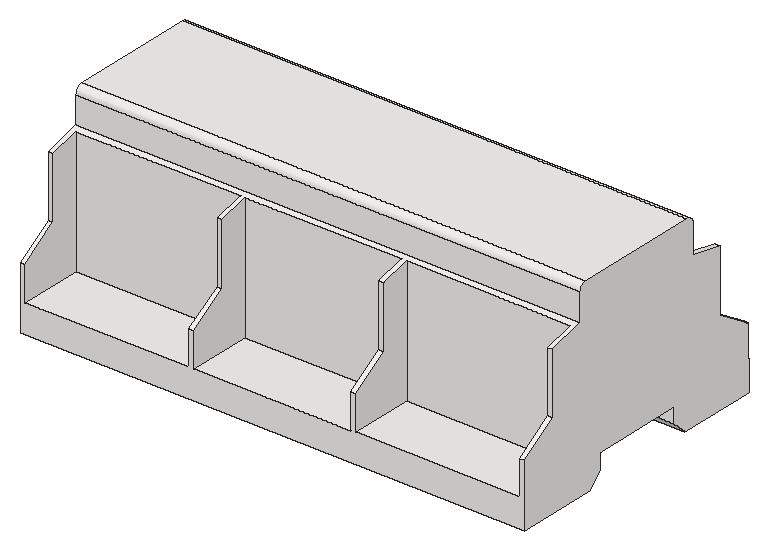
Revit family "Control_Unit-Lutron-MQSE-2A1(3A1)(4A1)-D", category Lighting Devices, host Face, Revit 2017
Family settings
  Host = Face
  Maintain Annotation Orientation = Yes
  Round Connector Dimension = Use Radius
  Part Type = Normal
  OmniClass Number = 23.85.80.11
  OmniClass Title = Building Controls
  Cut with Voids When Loaded = No
  Shared = No
  Room Calculation Point = No
Parameters (values of type "MQSE-4A1-D")
  Warranty URL = "http://www.lutron.com/en-US/Service-Support/Pages/Service/Warranty/Warranty.aspx"
  Voltage = 120 V
  Video Link = "https://www.youtube.com/user/LutronElectronicsInc"
  Version = "2017 - v1.0a"  # constant formula
  Type Comments = ""
  Support Phone = "(224) 699-9545"  # constant formula
  Support Email = "mailto: support@anguleris.com"
  Product Page URL = "http://www.lutron.com/en-US/Products/Pages/SingleRoomControls/myRoom/Overview.aspx"
  Product Name = "DIN Power Module - Phase Adaptive"
  Product Documentation Link = "http://www.lutron.com/TechnicalDocumentLibrary/369849.pdf"
  Performance URL = "http://www.lutron.com/en-US/Service-Support/Pages/Technical/PerfomanceSpecs.aspx"
  Overall Width = 6.37109"  # constant formula
  Overall Height = 2.37891"  # constant formula
  Operating Voltage = "100–120 V~, 220–240 V~ 50/60 Hz"
  URL = "http://www.lutron.com"
  Series = "myRoom"
  Overall Depth = 3.53125"  # constant formula
  Number of Poles = 1
  Model = "MQSE-4A1-D"
  Minimum Operating Temperature = 32 °F
  Maximum Operating Temperature = 104 °F
  Material = ""
  Manufacturer Phone Number = "610-282-3800"  # constant formula
  Manufacturer Fax Number = "610-282-1243"  # constant formula
  Manufacturer Email = "mailto:support@lutron.com"
  Manufacturer Address = "7200 Suter Rd, Coopersburg, PA 18036"  # constant formula
  Manufacturer = "Lutron Electronics Co., Inc"  # constant formula
  Load Classification = Other
  Keynote = ""
  Instruction Sheet Link = "http://www.lutron.com/TechnicalDocumentLibrary/032523.pdf"
  Finish = Plastic - Lutron - White - Matte
  Description = "The Phase Adaptive Power Module family is a group of modular products for the control of lighting loads. This product is compatible with Lutron myRoom guestroom systems only."
  Default Elevation = 48.00"
  Current = 4 A
  Cost Info = "mailto:sales@lutron.com"
  Cost = 0
  Copyright = "© 2020 Lutron Electronics Co., Inc."  # constant formula
  Assembly Code = "D5020200"
  Apparent Power = Voltage * Current  # 480 VA
Types (3): name | Operating Voltage | Model | Current | Apparent Power
  MQSE-4A1-D | "100–120 V~, 220–240 V~ 50/60 Hz" | "MQSE-4A1-D" | 4 A | 480 VA
  MQSE-3A1-D | "120–240 V~ 50/60 Hz" | "MQSE-3A1-D" | 3 A | 360 VA
  MQSE-2A1-D | "120–240 V~ 50/60 Hz" | "MQSE-2A1-D" | 2 A | 240 VA
Reference planes (in)
  plane 1 "Center (Front/Back)": y = 0
  plane 2: z = 0
  plane 3 "Center (Left/Right)": x = 0
  plane 4: z = 2.39844
  plane 5: x = -3.185
  plane 6: x = 3.185
  plane 7: y = 1.765
  plane 8: y = -1.765
  plane 9: x = -1.04956
  plane 10: x = 1.04956
Forms (in)
  Extrusion 1, solid, material "Plastic - Lutron - White - Matte" <- "Finish"
    sketch origin (8.5, 0.00455, 0.02943) x (0, -1, 0) y (0, 0, 1)
      loop
        line (1.77779, -0.02943) -> (1.77779, 0.76385) -> (1.33367, 1.04799) -> (1.33367, 1.82638) -> (0.89356, 1.93611) -> (0.89356, 2.27962)
        arc (0.89356, 2.27962) -> (0.86682, 2.34419) -> (0.80225, 2.37093) r 0.09132
        line (0.80225, 2.37093) -> (-0.79314, 2.37093)
        arc (-0.79314, 2.37093) -> (-0.86123, 2.34047) -> (-0.88388, 2.26939) r 0.09132
        line (-0.88388, 2.26939) -> (-0.88388, 1.92541) -> (-1.3105, 1.83473) -> (-1.3105, 1.05456) -> (-1.76053, 0.77019) -> (-1.76053, -0.02943) -> (-0.75275, -0.02943) -> (-0.57598, 0.14735) -> (-0.57598, 0.33151) -> (0.5916, 0.33151) -> (0.5916, 0.1255) -> (0.74653, -0.02943) -> (1.77779, -0.02943)
    from 5.315 to 11.685
  Extrusion 2, void
    sketch origin (0, -12.51256, 0) x (1, 0, 0) y (0, 1, 0)
      loop
        line (-3.12727, 14.33418) -> (-3.12727, 13.47887) -> (-1.04956, 13.47887) -> (-1.04956, 14.33418) -> (-3.12727, 14.33418)
      loop
        line (0.99184, 14.33418) -> (-0.99184, 14.33418) -> (-0.99184, 13.47887) -> (0.99184, 13.47887) -> (0.99184, 14.33418)
      loop
        line (3.12727, 14.33418) -> (1.04956, 14.33418) -> (1.04956, 13.47887) -> (3.12727, 13.47887) -> (3.12727, 14.33418)
      loop
        line (-3.12727, 10.69094) -> (-1.04956, 10.69094) -> (-1.04956, 11.54625) -> (-3.12727, 11.54625) -> (-3.12727, 10.69094)
      loop
        line (0.99184, 10.69094) -> (0.99184, 11.54625) -> (-0.99184, 11.54625) -> (-0.99184, 10.69094) -> (0.99184, 10.69094)
      loop
        line (3.12727, 10.69094) -> (3.12727, 11.54625) -> (1.04956, 11.54625) -> (1.04956, 10.69094) -> (3.12727, 10.69094)
    from 0.36094 to 2.99
Cuts and joins
  Extrusion 2 cuts Extrusion 1
Lines and regions (in)
  Masking region 1
    outline origin (0, 0, 0) x (1, 0, 0) y (0, 0, 1)
      loop
        line (3.185, 2.40036) -> (-3.185, 2.40036) -> (-3.185, 0) -> (3.185, 0) -> (3.185, 2.40036)
  symbolic lines, detail levels medium+fine
    curve 1: line (3.185, 0, 2.29882) -> (-3.185, 0, 2.29882)
    curve 2: line (3.185, 0, 1.95483) -> (-3.185, 0, 1.95483)
    curve 3: line (3.12727, 0, 1.93828) -> (1.04956, 0, 1.93828)
    curve 4: line (3.12727, 0, 0.36094) -> (3.12727, 0, 1.93828)
    curve 5: line (1.04956, 0, 0.36094) -> (3.12727, 0, 0.36094)
    curve 6: line (1.04956, 0, 1.93828) -> (1.04956, 0, 0.36094)
    curve 7: line (0.99184, 0, 1.93828) -> (-0.99184, 0, 1.93828)
    curve 8: line (0.99184, 0, 0.36094) -> (0.99184, 0, 1.93828)
    curve 9: line (-0.99184, 0, 0.36094) -> (0.99184, 0, 0.36094)
    curve 10: line (-0.99184, 0, 1.93828) -> (-0.99184, 0, 0.36094)
    curve 11: line (-1.04956, 0, 0.36094) -> (-3.12727, 0, 0.36094)
    curve 12: line (-1.04956, 0, 1.93828) -> (-1.04956, 0, 0.36094)
    curve 13: line (-3.12727, 0, 1.93828) -> (-1.04956, 0, 1.93828)
    curve 14: line (-3.12727, 0, 0.36094) -> (-3.12727, 0, 1.93828)
    curve 15: line (3.12727, 0, 1.86415) -> (3.185, 0, 1.86415)
    curve 16: line (1.04956, 0, 1.86415) -> (0.99184, 0, 1.86415)
    curve 17: line (-0.99184, 0, 1.86415) -> (-1.04956, 0, 1.86415)
    curve 18: line (-3.12727, 0, 1.86415) -> (-3.185, 0, 1.86415)
    curve 19: line (3.185, 0, 1.08399) -> (3.12727, 0, 1.08399)
    curve 20: line (1.04956, 0, 1.08399) -> (0.99184, 0, 1.08399)
    curve 21: line (-0.99184, 0, 1.08399) -> (-1.04956, 0, 1.08399)
    curve 22: line (-3.12727, 0, 1.08399) -> (-3.185, 0, 1.08399)
    curve 23: line (-3.185, 0, 0.79962) -> (-3.12727, 0, 0.79962)
    curve 24: line (-1.04956, 0, 0.79962) -> (-0.99184, 0, 0.79962)
    curve 25: line (0.99184, 0, 0.79962) -> (1.04956, 0, 0.79962)
    curve 26: line (3.12727, 0, 0.79962) -> (3.185, 0, 0.79962)
Dimensions and locks (in)
  locked: plane 4 to plane 2 at 2.39844
  plane 8 to plane 7 = 3.53"
  plane 5 to plane 6 = 6.37"
  locked: host sketch curve to plane 3 "Center (Left/Right)" at 48  (x12)
  locked: host sketch curve to plane 1 "Center (Front/Back)" at 48  (x12)
  locked: Extrusion 1 sketch curve to plane 3 "Center (Left/Right)" at 8.5  (x120)
  locked: Extrusion 1 sketch curve to plane 1 "Center (Front/Back)" at 1.32912  (x6)
  locked: Extrusion 1 sketch curve to plane 1 "Center (Front/Back)" at 0.88901  (x8)
  locked: Extrusion 1 sketch curve to plane 1 "Center (Front/Back)" at 0.7977  (x4)
  locked: Extrusion 1 sketch curve to plane 1 "Center (Front/Back)" at 0.88844  (x8)
  locked: Extrusion 1 sketch curve to plane 1 "Center (Front/Back)" at 1.31505  (x6)
  locked: Extrusion 1 sketch curve to plane 1 "Center (Front/Back)" at 1.76508  (x6)
  locked: Extrusion 1 sketch curve to plane 1 "Center (Front/Back)" at 0.58053  (x6)
  locked: Extrusion 1 sketch curve to plane 1 "Center (Front/Back)" at 0.58705  (x6)
  locked: Extrusion 1 sketch curve to plane 1 "Center (Front/Back)" at 1.77323  (x6)
  locked: Extrusion 1 sketch curve to level at 2.30905  (x2)
  locked: Extrusion 1 sketch curve to level at 2.40036  (x10)
  locked: Extrusion 1 sketch curve to level at 2.29882  (x2)
  locked: Extrusion 1 sketch curve to level at 0.36094  (x6)
  locked: Extrusion 1 sketch curve to plane 1 "Center (Front/Back)" at 0.70638  (x2)
  locked: Extrusion 1 sketch curve to level at 2.21773  (x2)
  locked: Extrusion 2 sketch curve to plane 3 "Center (Left/Right)" at 1.04956  (x24)
  locked: Extrusion 2 sketch curve to plane 3 "Center (Left/Right)" at 3.12727  (x24)
  locked: Extrusion 2 sketch curve to plane 3 "Center (Left/Right)" at 0.99184  (x24)
  locked: Extrusion 2 sketch curve to plane 1 "Center (Front/Back)" at 0.96631  (x36)
  locked: Extrusion 2 sketch curve to plane 1 "Center (Front/Back)" at 1.82162  (x36)
  aligned and locked: plane 2 to host face
  aligned and locked: level to host face
Connectors (in)
  electrical at (0, 1.26119, 0)
    settings: on cut or joined group of Extrusion 1, Extrusion 2, index 1, voltage 0 V, apparent load 0 VA, apparent load phase1 0 VA, apparent load phase2 0 VA, apparent load phase3 0 VA, power factor 1, load classification "Other", number of poles 1, system type 13, power factor state 1, is connector primary yes, connector utility no, sub classification motor no, connector description "Controls Connection"
  electrical at (0, -1.25761, 0), driven by "Number of Poles", driven by "Load Classification", driven by "Voltage", driven by "Apparent Power"
    settings: on cut or joined group of Extrusion 1, Extrusion 2, index 2, voltage 120 V, apparent load 0 VA, apparent load phase1 480 VA, apparent load phase2 0 VA, apparent load phase3 0 VA, power factor 1, load classification "Other", number of poles 1, system type 31, power factor state 1, is connector primary no, connector utility no, sub classification motor no, connector description "Power Connection"
